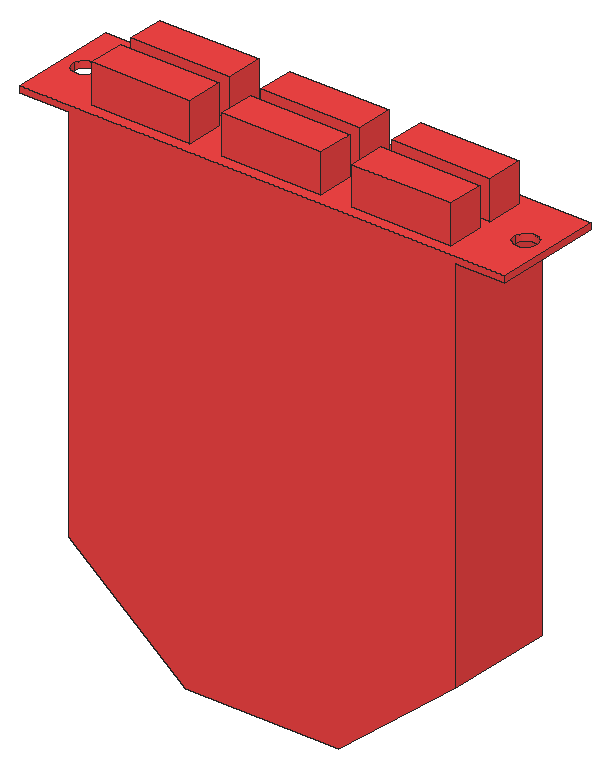
Revit family
Parameters (values of type "Use Type Catalog")
  zz Length 9 = if(1 = 1, 240.000" + zz Length 18, 240.000")  # 240.000"
  zz Length 8 = 0.230"  # constant formula
  zz Length 7 = 5.000"  # constant formula
  zz Length 6 = 1.130"  # constant formula
  zz Length 5 = if(zz Integer 1 = 0, 0.380", if(zz Integer 1 = 1, 0.380", if(zz Integer 1 = 2, 0.380", if(zz Integer 1 = 3, 0.380", if(zz Integer 1 = 4, 0.380", if(zz Integer 1 = 5, 0.380", if(zz Integer 1 = 6, 0.380", if(zz Integer 1 = 7, 0.380", if(zz Integer 1 = 8, 0.380", if(zz Integer 1 = 9, 0.380", if(zz Integer 1 = 10, 0.380", if(zz Integer 1 = 11, 0.421", if(zz Integer 1 = 12, 0.421", if(zz Integer 1 = 13, 0.421", if(zz Integer 1 = 14, 0.421", if(zz Integer 1 = 15, 0.421", if(zz Integer 1 = 16, 0.421", if(zz Integer 1 = 17, 0.421", if(zz Integer 1 = 18, 0.421", if(zz Integer 1 = 19, 0.421", if(zz Integer 1 = 20, 0.421", if(zz Integer 1 = 21, 0.380", if(zz Integer 1 = 22, 0.380", if(zz Integer 1 = 23, 0.380", if(zz Integer 1 = 24, 0.380", if(zz Integer 1 = 25, 0.380", if(zz Integer 1 = 26, 0.380", if(zz Integer 1 = 27, 0.380", if(zz Integer 1 = 28, 0.380", if(zz Integer 1 = 29, 0.380", if(zz Integer 1 = 30, 0.380", if(zz Integer 1 = 31, 0.380", if(zz Integer 1 = 32, 0.380", if(zz Integer 1 = 33, 0.380", if(zz Integer 1 = 34, 0.380", if(zz Integer 1 = 35, 0.380", if(zz Integer 1 = 36, 0.380", if(zz Integer 1 = 37, 0.380", if(zz Integer 1 = 38, 0.380", if(zz Integer 1 = 39, 0.380", if(zz Integer 1 = 40, 0.380", if(zz Integer 1 = 41, 0.594", if(zz Integer 1 = 42, 0.594", if(zz Integer 1 = 43, 0.594", if(zz Integer 1 = 44, 0.594", if(zz Integer 1 = 45, 0.594", if(zz Integer 1 = 46, 0.594", 0.500")))))))))))))))))))))))))))))))))))))))))))))))  # 0.380"
  zz Length 4 = if(zz Integer 1 = 0, 1.180", if(zz Integer 1 = 1, 1.180", if(zz Integer 1 = 2, 1.180", if(zz Integer 1 = 3, 1.180", if(zz Integer 1 = 4, 1.180", if(zz Integer 1 = 5, 1.180", if(zz Integer 1 = 6, 1.180", if(zz Integer 1 = 7, 1.180", if(zz Integer 1 = 8, 1.180", if(zz Integer 1 = 9, 1.180", if(zz Integer 1 = 10, 1.180", if(zz Integer 1 = 11, 0.855", if(zz Integer 1 = 12, 0.855", if(zz Integer 1 = 13, 0.855", if(zz Integer 1 = 14, 0.855", if(zz Integer 1 = 15, 0.855", if(zz Integer 1 = 16, 0.855", if(zz Integer 1 = 17, 0.855", if(zz Integer 1 = 18, 0.855", if(zz Integer 1 = 19, 0.855", if(zz Integer 1 = 20, 0.855", if(zz Integer 1 = 21, 1.180", if(zz Integer 1 = 22, 1.180", if(zz Integer 1 = 23, 1.180", if(zz Integer 1 = 24, 1.180", if(zz Integer 1 = 25, 1.180", if(zz Integer 1 = 26, 1.180", if(zz Integer 1 = 27, 1.180", if(zz Integer 1 = 28, 1.180", if(zz Integer 1 = 29, 1.180", if(zz Integer 1 = 30, 1.180", if(zz Integer 1 = 31, 1.180", if(zz Integer 1 = 32, 1.180", if(zz Integer 1 = 33, 1.180", if(zz Integer 1 = 34, 1.180", if(zz Integer 1 = 35, 1.180", if(zz Integer 1 = 36, 1.180", if(zz Integer 1 = 37, 1.180", if(zz Integer 1 = 38, 1.180", if(zz Integer 1 = 39, 1.180", if(zz Integer 1 = 40, 1.180", if(zz Integer 1 = 41, 0.855", if(zz Integer 1 = 42, 0.855", if(zz Integer 1 = 43, 0.855", if(zz Integer 1 = 44, 0.855", if(zz Integer 1 = 45, 0.855", if(zz Integer 1 = 46, 0.855", 15.000")))))))))))))))))))))))))))))))))))))))))))))))  # 1.180"
  zz Length 3 = 1.600"  # constant formula
  zz Length 23 = if(zz Integer 1 = 0, 1.370", if(zz Integer 1 = 1, 1.370", if(zz Integer 1 = 2, 1.370", if(zz Integer 1 = 3, 1.370", if(zz Integer 1 = 4, 1.370", if(zz Integer 1 = 5, 1.370", if(zz Integer 1 = 6, 1.370", if(zz Integer 1 = 7, 1.370", if(zz Integer 1 = 8, 1.370", if(zz Integer 1 = 9, 1.370", if(zz Integer 1 = 10, 1.370", if(zz Integer 1 = 11, 0.680", if(zz Integer 1 = 12, 0.680", if(zz Integer 1 = 13, 0.680", if(zz Integer 1 = 14, 0.680", if(zz Integer 1 = 15, 0.680", if(zz Integer 1 = 16, 0.680", if(zz Integer 1 = 17, 0.680", if(zz Integer 1 = 18, 0.680", if(zz Integer 1 = 19, 0.680", if(zz Integer 1 = 20, 0.680", if(zz Integer 1 = 21, 1.370", if(zz Integer 1 = 22, 1.370", if(zz Integer 1 = 23, 1.370", if(zz Integer 1 = 24, 1.370", if(zz Integer 1 = 25, 1.370", if(zz Integer 1 = 26, 1.370", if(zz Integer 1 = 27, 1.370", if(zz Integer 1 = 28, 1.370", if(zz Integer 1 = 29, 1.370", if(zz Integer 1 = 30, 1.370", if(zz Integer 1 = 31, 1.370", if(zz Integer 1 = 32, 1.370", if(zz Integer 1 = 33, 1.370", if(zz Integer 1 = 34, 1.370", if(zz Integer 1 = 35, 1.370", if(zz Integer 1 = 36, 1.370", if(zz Integer 1 = 37, 1.370", if(zz Integer 1 = 38, 1.370", if(zz Integer 1 = 39, 1.370", if(zz Integer 1 = 40, 1.370", if(zz Integer 1 = 41, 0.680", if(zz Integer 1 = 42, 0.680", if(zz Integer 1 = 43, 0.680", if(zz Integer 1 = 44, 0.680", if(zz Integer 1 = 45, 0.680", if(zz Integer 1 = 46, 0.680", 1.370")))))))))))))))))))))))))))))))))))))))))))))))  # 1.370"
  zz Length 22 = 0.400"  # constant formula
  zz Length 21 = 0.000"  # constant formula
  zz Length 20 = if(zz Integer 1 = 0, 0.260", if(zz Integer 1 = 1, 0.260", if(zz Integer 1 = 2, 0.260", if(zz Integer 1 = 3, 0.260", if(zz Integer 1 = 4, 0.260", if(zz Integer 1 = 5, 0.260", if(zz Integer 1 = 6, 0.260", if(zz Integer 1 = 7, 0.260", if(zz Integer 1 = 8, 0.260", if(zz Integer 1 = 9, 0.260", if(zz Integer 1 = 10, 0.260", if(zz Integer 1 = 11, 0.000", if(zz Integer 1 = 12, 0.000", if(zz Integer 1 = 13, 0.000", if(zz Integer 1 = 14, 0.000", if(zz Integer 1 = 15, 0.000", if(zz Integer 1 = 16, 0.000", if(zz Integer 1 = 17, 0.000", if(zz Integer 1 = 18, 0.000", if(zz Integer 1 = 19, 0.000", if(zz Integer 1 = 20, 0.000", if(zz Integer 1 = 21, 0.260", if(zz Integer 1 = 22, 0.260", if(zz Integer 1 = 23, 0.260", if(zz Integer 1 = 24, 0.260", if(zz Integer 1 = 25, 0.260", if(zz Integer 1 = 26, 0.260", if(zz Integer 1 = 27, 0.260", if(zz Integer 1 = 28, 0.260", if(zz Integer 1 = 29, 0.260", if(zz Integer 1 = 30, 0.260", if(zz Integer 1 = 31, 0.260", if(zz Integer 1 = 32, 0.260", if(zz Integer 1 = 33, 0.260", if(zz Integer 1 = 34, 0.260", if(zz Integer 1 = 35, 0.260", if(zz Integer 1 = 36, 0.260", if(zz Integer 1 = 37, 0.260", if(zz Integer 1 = 38, 0.260", if(zz Integer 1 = 39, 0.260", if(zz Integer 1 = 40, 0.260", if(zz Integer 1 = 41, 0.000", if(zz Integer 1 = 42, 0.000", if(zz Integer 1 = 43, 0.000", if(zz Integer 1 = 44, 0.000", if(zz Integer 1 = 45, 0.000", if(zz Integer 1 = 46, 0.000", 2.000")))))))))))))))))))))))))))))))))))))))))))))))  # 0.260"
  zz Length 2 = 5.100"  # constant formula
  zz Length 19 = 0.000"  # constant formula
  zz Length 18 = 0.000"  # constant formula
  zz Length 17 = if(zz Integer 1 = 0, 1.040", if(zz Integer 1 = 1, 1.040", if(zz Integer 1 = 2, 1.040", if(zz Integer 1 = 3, 1.040", if(zz Integer 1 = 4, 1.040", if(zz Integer 1 = 5, 1.040", if(zz Integer 1 = 6, 1.040", if(zz Integer 1 = 7, 1.040", if(zz Integer 1 = 8, 1.040", if(zz Integer 1 = 9, 1.040", if(zz Integer 1 = 10, 1.040", if(zz Integer 1 = 11, 0.390", if(zz Integer 1 = 12, 0.390", if(zz Integer 1 = 13, 0.390", if(zz Integer 1 = 14, 0.390", if(zz Integer 1 = 15, 0.390", if(zz Integer 1 = 16, 0.390", if(zz Integer 1 = 17, 0.390", if(zz Integer 1 = 18, 0.390", if(zz Integer 1 = 19, 0.390", if(zz Integer 1 = 20, 0.390", if(zz Integer 1 = 21, 1.040", if(zz Integer 1 = 22, 1.040", if(zz Integer 1 = 23, 1.040", if(zz Integer 1 = 24, 1.040", if(zz Integer 1 = 25, 1.040", if(zz Integer 1 = 26, 1.040", if(zz Integer 1 = 27, 1.040", if(zz Integer 1 = 28, 1.040", if(zz Integer 1 = 29, 1.040", if(zz Integer 1 = 30, 1.040", if(zz Integer 1 = 31, 1.040", if(zz Integer 1 = 32, 1.040", if(zz Integer 1 = 33, 1.040", if(zz Integer 1 = 34, 1.040", if(zz Integer 1 = 35, 1.040", if(zz Integer 1 = 36, 1.040", if(zz Integer 1 = 37, 1.040", if(zz Integer 1 = 38, 1.040", if(zz Integer 1 = 39, 1.040", if(zz Integer 1 = 40, 1.040", if(zz Integer 1 = 41, 0.400", if(zz Integer 1 = 42, 0.400", if(zz Integer 1 = 43, 0.400", if(zz Integer 1 = 44, 0.400", if(zz Integer 1 = 45, 0.400", if(zz Integer 1 = 46, 0.400", 0.500")))))))))))))))))))))))))))))))))))))))))))))))  # 1.040"
  zz Length 16 = 0.241"  # constant formula
  zz Length 15 = 0.000"  # constant formula
  zz Length 14 = if(or(zz Integer 1 = 0, zz Integer 1 = 1, zz Integer 1 = 2, zz Integer 1 = 3, zz Integer 1 = 4, zz Integer 1 = 5, zz Integer 1 = 6, zz Integer 1 = 7, zz Integer 1 = 8, zz Integer 1 = 9, zz Integer 1 = 10, zz Integer 1 = 21, zz Integer 1 = 22, zz Integer 1 = 23, zz Integer 1 = 24, zz Integer 1 = 25, zz Integer 1 = 26, zz Integer 1 = 27, zz Integer 1 = 28, zz Integer 1 = 29, zz Integer 1 = 30, zz Integer 1 = 31, zz Integer 1 = 32, zz Integer 1 = 33, zz Integer 1 = 34, zz Integer 1 = 35, zz Integer 1 = 36, zz Integer 1 = 37, zz Integer 1 = 38, zz Integer 1 = 39, zz Integer 1 = 40), 0.000", zz Length 23)  # 0.000"
  zz Length 13 = 0.000"  # constant formula
  zz Length 12 = 4.000"  # constant formula
  zz Length 11 = 0.070"  # constant formula
  zz Length 10 = zz Length 16 / 2  # 0.1205"
  zz Length 1 = 4.070"  # constant formula
  zz Integer 1 = 0
  Width [instance] = zz Length 2  # 5.100"
  Weight [instance] = 0.00 lbf
  URL = "http://www.fiberinstrumentsales.com/"
  Regulatory Compliance = ""
  Provide Feedback = "https://www.surveymonkey.com/s/7W9CKP6"
  Product Page URL = " "
  Product Material = Use Type Catalog
  Product Documentation Link = " "
  Port Count = 0
  Part Number [instance] = Model  # "Use Type Catalog"
  Part Description [instance] = if(zz Integer 1 = 1, "FIS Multi-Fiber Cassette, MTP/male-Duplex SC, 50/125um OM3, 12 fiber, color Black, LGX footprint, Method A", if(zz Integer 1 = 2, "FIS Multi-Fiber Cassette, MTP/male-Duplex SC, 50/125um OM4, 12 fiber, color Black, LGX footprint, Method A", if(zz Integer 1 = 3, "FIS Multi-Fiber Cassette, MTP/male-Duplex SC, 50/125um OM2, 12 fiber, color Black, LGX footprint, Method A", if(zz Integer 1 = 4, "FIS Multi-Fiber Cassette, MTP/male-Duplex SC, 62.5/125um OM1, 12 fiber, color Black, LGX footprint, Method A", if(zz Integer 1 = 5, "FIS Multi-Fiber Cassette, MTP/male-Duplex SC, Singlemode OS2, 12 fiber, color Black, LGX footprint, Method A", if(zz Integer 1 = 6, "FIS Multi-Fiber Cassette, MTP/male-Duplex SC, 50/125um OM3, 12 fiber, color Off-White, LGX footprint, Method A", if(zz Integer 1 = 7, "FIS Multi-Fiber Cassette, MTP/male-Duplex SC, 50/125um OM4, 12 fiber, color Off-White, LGX footprint, Method A", if(zz Integer 1 = 8, "FIS Multi-Fiber Cassette, MTP/male-Duplex SC, 50/125um OM2, 12 fiber, color Off-White, LGX footprint, Method A", if(zz Integer 1 = 9, "FIS Multi-Fiber Cassette, MTP/male-Duplex SC, 62.5/125um OM1, 12 fiber, color Off-White, LGX footprint, Method A", if(zz Integer 1 = 10, "FIS Multi-Fiber Cassette, MTP/male-Duplex SC, Singlemode OS2, 12 fiber, color Off-White, LGX footprint, Method A", if(zz Integer 1 = 11, "FIS Multi-Fiber Cassette, MTP/male-Duplex LC, 50/125um OM3, 12 fiber, color Black, LGX footprint, Method A", if(zz Integer 1 = 12, "FIS Multi-Fiber Cassette, MTP/male-Duplex LC, 50/125um OM4, 12 fiber, color Black, LGX footprint, Method A", if(zz Integer 1 = 13, "FIS Multi-Fiber Cassette, MTP/male-Duplex LC, 50/125um OM2, 12 fiber, color Black, LGX footprint, Method A", if(zz Integer 1 = 14, "FIS Multi-Fiber Cassette, MTP/male-Duplex LC, 62.5/125um OM1, 12 fiber, color Black, LGX footprint, Method A", if(zz Integer 1 = 15, "FIS Multi-Fiber Cassette, MTP/male-Duplex LC, Singlemode OS2, 12 fiber, color Black, LGX footprint, Method A", if(zz Integer 1 = 16, "FIS Multi-Fiber Cassette, MTP/male-Duplex LC, 50/125um OM3, 12 fiber, color Off-White, LGX footprint, Method A", if(zz Integer 1 = 17, "FIS Multi-Fiber Cassette, MTP/male-Duplex LC, 50/125um OM4, 12 fiber, color Off-White, LGX footprint, Method A", if(zz Integer 1 = 18, "FIS Multi-Fiber Cassette, MTP/male-Duplex LC, 50/125um OM2, 12 fiber, color Off-White, LGX footprint, Method A", if(zz Integer 1 = 19, "FIS Multi-Fiber Cassette, MTP/male-Duplex LC, 62.5/125um OM1, 12 fiber, color Off-White, LGX footprint, Method A", if(zz Integer 1 = 20, "FIS Multi-Fiber Cassette, MTP/male-Duplex LC, Singlemode OS2, 12 fiber, color Off-White, LGX footprint, Method A", if(zz Integer 1 = 21, "FIS Multi-Fiber Cassette, (1)24F MTP/male- Quad LC, 50/125um OM3, 24 fiber, color Black, LGX footprint, Method A", if(zz Integer 1 = 22, "FIS Multi-Fiber Cassette, (1)24F MTP/male- Quad LC, 50/125um OM4, 24 fiber, color Black, LGX footprint, Method A", if(zz Integer 1 = 23, "FIS Multi-Fiber Cassette, (1)24F MTP/male- Quad LC, 50/125um OM2, 24 fiber, color Black, LGX footprint, Method A", if(zz Integer 1 = 24, "FIS Multi-Fiber Cassette, (1)24F MTP/male- Quad LC, 62.5/125um OM1, 24 fiber, color Black, LGX footprint, Method A", if(zz Integer 1 = 25, "FIS Multi-Fiber Cassette, (1)24F MTP/male- Quad LC, Singlemode OS2, 24 fiber, color Black, LGX footprint, Method A", if(zz Integer 1 = 26, "FIS Multi-Fiber Cassette, (1)24F MTP/male- Quad LC, 50/125um OM3, 24 fiber, color Off-White, LGX footprint, Method A", if(zz Integer 1 = 27, "FIS Multi-Fiber Cassette, (1)24F MTP/male- Quad LC, 50/125um OM4, 24 fiber, color Off-White, LGX footprint, Method A", if(zz Integer 1 = 28, "FIS Multi-Fiber Cassette, (1)24F MTP/male- Quad LC, 50/125um OM2, 24 fiber, color Off-White, LGX footprint, Method A", if(zz Integer 1 = 29, "FIS Multi-Fiber Cassette, (1)24F MTP/male- Quad LC, 62.5/125um OM1, 24 fiber, color Off-White, LGX footprint, Method A", if(zz Integer 1 = 30, "FIS Multi-Fiber Cassette, (1)24F MTP/male- Quad LC, Singlemode OS2, 24 fiber, color Off-White, LGX footprint, Method A", if(zz Integer 1 = 31, "FIS Multi-Fiber Cassette, (2)12F MTP/male- Quad LC, 50/125um OM3, 24 fiber, color Black, LGX footprint, Method A", if(zz Integer 1 = 32, "FIS Multi-Fiber Cassette, (2)12F MTP/male- Quad LC, 50/125um OM4, 24 fiber, color Black, LGX footprint, Method A", if(zz Integer 1 = 33, "FIS Multi-Fiber Cassette, (2)12F MTP/male- Quad LC, 50/125um OM2, 24 fiber, color Black, LGX footprint, Method A", if(zz Integer 1 = 34, "FIS Multi-Fiber Cassette, (2)12F MTP/male- Quad LC, 62.5/125um OM1, 24 fiber, color Black, LGX footprint, Method A", if(zz Integer 1 = 35, "FIS Multi-Fiber Cassette, (2)12F MTP/male- Quad LC, Singlemode OS2, 24 fiber, color Black, LGX footprint, Method A", if(zz Integer 1 = 36, "FIS Multi-Fiber Cassette, (2)12F MTP/male- Quad LC, 50/125um OM3, 24 fiber, color Off-White, LGX footprint, Method A", if(zz Integer 1 = 37, "FIS Multi-Fiber Cassette, (2)12F MTP/male- Quad LC, 50/125um OM4, 24 fiber, color Off-White, LGX footprint, Method A", if(zz Integer 1 = 38, "FIS Multi-Fiber Cassette, (2)12F MTP/male- Quad LC, 50/125um OM2, 24 fiber, color Off-White, LGX footprint, Method A", if(zz Integer 1 = 39, "FIS Multi-Fiber Cassette, (2)12F MTP/male- Quad LC, 62.5/125um OM1, 24 fiber, color Off-White, LGX footprint, Method A", if(zz Integer 1 = 40, "FIS Multi-Fiber Cassette, (2)12F MTP/male- Quad LC, Singlemode OS2, 24 fiber, color Off-White, LGX footprint, Method A", if(zz Integer 1 = 41, "FIS Multi-Fiber Cassette, (2)12F MTP/male- (3) MTP/female, OM3, 24 fiber, color Black, LGX footprint, Method B", if(zz Integer 1 = 42, "FIS Multi-Fiber Cassette, (2)12F MTP/male- (3) MTP/female, OM4, 24 fiber, color Black, LGX footprint, Method B", if(zz Integer 1 = 43, "FIS Multi-Fiber Cassette, (1)24F MTP/male- (3) MTP/female, OM3, 24 fiber, color Black, LGX footprint, Method B", if(zz Integer 1 = 44, "FIS Multi-Fiber Cassette, (1)24F MTP/male- (3) MTP/female, OM4, 24 fiber, color Black, LGX footprint, Method B", if(zz Integer 1 = 45, "FIS Multi-Fiber Cassette, (2)24F MTP/male- (6) MTP/female, OM3, 48 fiber, color Black, LGX footprint, Method B", if(zz Integer 1 = 46, " FIS Multi-Fiber Cassette, (2)24F MTP/male- (6) MTP/female, OM4, 48 fiber, color Black, LGX footprint, Method B", "Use Type Catalog"))))))))))))))))))))))))))))))))))))))))))))))  # "Use Type Catalog"
  Original Creation Date = "November 21, 2013"  # constant formula
  Model Disclaimer = "For More Information, Contact Fiber Instrument Sales"  # constant formula
  Model = "Use Type Catalog"
  Mating Sleeve Polymer = Use Type Catalog
  Manufacturer = "Fiber Instrument Sales"  # constant formula
  Height [instance] = zz Length 6  # 1.130"
  Front Interface = "MTP/SC"
  Fiber Type = ""
  Fiber Count = 12
  Family Version = "1.0.0"  # constant formula
  Equipment Number [instance] = ""
  Equipment Abbreviation = "CA"
  Description = if(zz Integer 1 = 1, "FIS Multi-Fiber Cassette, MTP/male-Duplex SC, 50/125um OM3, 12 fiber, color Black, LGX footprint, Method A", if(zz Integer 1 = 2, "FIS Multi-Fiber Cassette, MTP/male-Duplex SC, 50/125um OM4, 12 fiber, color Black, LGX footprint, Method A", if(zz Integer 1 = 3, "FIS Multi-Fiber Cassette, MTP/male-Duplex SC, 50/125um OM2, 12 fiber, color Black, LGX footprint, Method A", if(zz Integer 1 = 4, "FIS Multi-Fiber Cassette, MTP/male-Duplex SC, 62.5/125um OM1, 12 fiber, color Black, LGX footprint, Method A", if(zz Integer 1 = 5, "FIS Multi-Fiber Cassette, MTP/male-Duplex SC, Singlemode OS2, 12 fiber, color Black, LGX footprint, Method A", if(zz Integer 1 = 6, "FIS Multi-Fiber Cassette, MTP/male-Duplex SC, 50/125um OM3, 12 fiber, color Off-White, LGX footprint, Method A", if(zz Integer 1 = 7, "FIS Multi-Fiber Cassette, MTP/male-Duplex SC, 50/125um OM4, 12 fiber, color Off-White, LGX footprint, Method A", if(zz Integer 1 = 8, "FIS Multi-Fiber Cassette, MTP/male-Duplex SC, 50/125um OM2, 12 fiber, color Off-White, LGX footprint, Method A", if(zz Integer 1 = 9, "FIS Multi-Fiber Cassette, MTP/male-Duplex SC, 62.5/125um OM1, 12 fiber, color Off-White, LGX footprint, Method A", if(zz Integer 1 = 10, "FIS Multi-Fiber Cassette, MTP/male-Duplex SC, Singlemode OS2, 12 fiber, color Off-White, LGX footprint, Method A", if(zz Integer 1 = 11, "FIS Multi-Fiber Cassette, MTP/male-Duplex LC, 50/125um OM3, 12 fiber, color Black, LGX footprint, Method A", if(zz Integer 1 = 12, "FIS Multi-Fiber Cassette, MTP/male-Duplex LC, 50/125um OM4, 12 fiber, color Black, LGX footprint, Method A", if(zz Integer 1 = 13, "FIS Multi-Fiber Cassette, MTP/male-Duplex LC, 50/125um OM2, 12 fiber, color Black, LGX footprint, Method A", if(zz Integer 1 = 14, "FIS Multi-Fiber Cassette, MTP/male-Duplex LC, 62.5/125um OM1, 12 fiber, color Black, LGX footprint, Method A", if(zz Integer 1 = 15, "FIS Multi-Fiber Cassette, MTP/male-Duplex LC, Singlemode OS2, 12 fiber, color Black, LGX footprint, Method A", if(zz Integer 1 = 16, "FIS Multi-Fiber Cassette, MTP/male-Duplex LC, 50/125um OM3, 12 fiber, color Off-White, LGX footprint, Method A", if(zz Integer 1 = 17, "FIS Multi-Fiber Cassette, MTP/male-Duplex LC, 50/125um OM4, 12 fiber, color Off-White, LGX footprint, Method A", if(zz Integer 1 = 18, "FIS Multi-Fiber Cassette, MTP/male-Duplex LC, 50/125um OM2, 12 fiber, color Off-White, LGX footprint, Method A", if(zz Integer 1 = 19, "FIS Multi-Fiber Cassette, MTP/male-Duplex LC, 62.5/125um OM1, 12 fiber, color Off-White, LGX footprint, Method A", if(zz Integer 1 = 20, "FIS Multi-Fiber Cassette, MTP/male-Duplex LC, Singlemode OS2, 12 fiber, color Off-White, LGX footprint, Method A", if(zz Integer 1 = 21, "FIS Multi-Fiber Cassette, (1)24F MTP/male- Quad LC, 50/125um OM3, 24 fiber, color Black, LGX footprint, Method A", if(zz Integer 1 = 22, "FIS Multi-Fiber Cassette, (1)24F MTP/male- Quad LC, 50/125um OM4, 24 fiber, color Black, LGX footprint, Method A", if(zz Integer 1 = 23, "FIS Multi-Fiber Cassette, (1)24F MTP/male- Quad LC, 50/125um OM2, 24 fiber, color Black, LGX footprint, Method A", if(zz Integer 1 = 24, "FIS Multi-Fiber Cassette, (1)24F MTP/male- Quad LC, 62.5/125um OM1, 24 fiber, color Black, LGX footprint, Method A", if(zz Integer 1 = 25, "FIS Multi-Fiber Cassette, (1)24F MTP/male- Quad LC, Singlemode OS2, 24 fiber, color Black, LGX footprint, Method A", if(zz Integer 1 = 26, "FIS Multi-Fiber Cassette, (1)24F MTP/male- Quad LC, 50/125um OM3, 24 fiber, color Off-White, LGX footprint, Method A", if(zz Integer 1 = 27, "FIS Multi-Fiber Cassette, (1)24F MTP/male- Quad LC, 50/125um OM4, 24 fiber, color Off-White, LGX footprint, Method A", if(zz Integer 1 = 28, "FIS Multi-Fiber Cassette, (1)24F MTP/male- Quad LC, 50/125um OM2, 24 fiber, color Off-White, LGX footprint, Method A", if(zz Integer 1 = 29, "FIS Multi-Fiber Cassette, (1)24F MTP/male- Quad LC, 62.5/125um OM1, 24 fiber, color Off-White, LGX footprint, Method A", if(zz Integer 1 = 30, "FIS Multi-Fiber Cassette, (1)24F MTP/male- Quad LC, Singlemode OS2, 24 fiber, color Off-White, LGX footprint, Method A", if(zz Integer 1 = 31, "FIS Multi-Fiber Cassette, (2)12F MTP/male- Quad LC, 50/125um OM3, 24 fiber, color Black, LGX footprint, Method A", if(zz Integer 1 = 32, "FIS Multi-Fiber Cassette, (2)12F MTP/male- Quad LC, 50/125um OM4, 24 fiber, color Black, LGX footprint, Method A", if(zz Integer 1 = 33, "FIS Multi-Fiber Cassette, (2)12F MTP/male- Quad LC, 50/125um OM2, 24 fiber, color Black, LGX footprint, Method A", if(zz Integer 1 = 34, "FIS Multi-Fiber Cassette, (2)12F MTP/male- Quad LC, 62.5/125um OM1, 24 fiber, color Black, LGX footprint, Method A", if(zz Integer 1 = 35, "FIS Multi-Fiber Cassette, (2)12F MTP/male- Quad LC, Singlemode OS2, 24 fiber, color Black, LGX footprint, Method A", if(zz Integer 1 = 36, "FIS Multi-Fiber Cassette, (2)12F MTP/male- Quad LC, 50/125um OM3, 24 fiber, color Off-White, LGX footprint, Method A", if(zz Integer 1 = 37, "FIS Multi-Fiber Cassette, (2)12F MTP/male- Quad LC, 50/125um OM4, 24 fiber, color Off-White, LGX footprint, Method A", if(zz Integer 1 = 38, "FIS Multi-Fiber Cassette, (2)12F MTP/male- Quad LC, 50/125um OM2, 24 fiber, color Off-White, LGX footprint, Method A", if(zz Integer 1 = 39, "FIS Multi-Fiber Cassette, (2)12F MTP/male- Quad LC, 62.5/125um OM1, 24 fiber, color Off-White, LGX footprint, Method A", if(zz Integer 1 = 40, "FIS Multi-Fiber Cassette, (2)12F MTP/male- Quad LC, Singlemode OS2, 24 fiber, color Off-White, LGX footprint, Method A", if(zz Integer 1 = 41, "FIS Multi-Fiber Cassette, (2)12F MTP/male- (3) MTP/female, OM3, 24 fiber, color Black, LGX footprint, Method B", if(zz Integer 1 = 42, "FIS Multi-Fiber Cassette, (2)12F MTP/male- (3) MTP/female, OM4, 24 fiber, color Black, LGX footprint, Method B", if(zz Integer 1 = 43, "FIS Multi-Fiber Cassette, (1)24F MTP/male- (3) MTP/female, OM3, 24 fiber, color Black, LGX footprint, Method B", if(zz Integer 1 = 44, "FIS Multi-Fiber Cassette, (1)24F MTP/male- (3) MTP/female, OM4, 24 fiber, color Black, LGX footprint, Method B", if(zz Integer 1 = 45, "FIS Multi-Fiber Cassette, (2)24F MTP/male- (6) MTP/female, OM3, 48 fiber, color Black, LGX footprint, Method B", if(zz Integer 1 = 46, " FIS Multi-Fiber Cassette, (2)24F MTP/male- (6) MTP/female, OM4, 48 fiber, color Black, LGX footprint, Method B", "Use Type Catalog"))))))))))))))))))))))))))))))))))))))))))))))  # "Use Type Catalog"
  Depth [instance] = zz Length 7  # 5.000"
  Default Elevation = 48.000"
  Date Last Modified = "November 21, 2013"  # constant formula
  Copyright = "Copyright © 2013 Fiber Instrument Sales"  # constant formula
Reference planes (in)
  plane 1 "Center (Front/Back)": y = 0
  plane 2 "Center (Elevation)": z = 0
  plane 3 "Center (Left/Right)": x = 0
  plane 4 "Extremis Left": x = -2.55
  plane 5 "Extremis Right": x = 2.55
  plane 6 "Extremis Bottom": y = -0.565
  plane 7 "Extremis Top": y = 0.565
  plane 8 "Host": z = 0
  plane 9 "Base": z = -240
  plane 10: z = 0
  plane 11: z = 0.07
  plane 12 "Screw Left": x = -2.32
  plane 13 "Screw Right": x = 2.32
  plane 14: y = 0
  plane 15: x = 0
  plane 16: x = 0
  plane 17: x = -1.37
  plane 18: x = -1.37
  plane 19: y = 0.26
  plane 20: y = -0.26
  plane 21: x = 1.37
  plane 22: x = 1.37
  plane 23: x = -1.89
  plane 24: x = -0.85
  plane 25: y = 0.45
  plane 26: y = 0.07
  plane 27: y = -0.45
  plane 28: y = -0.07
  plane 29: x = -1.89
  plane 30: x = -0.85
  plane 31: x = -0.52
  plane 32: x = 0.52
  plane 33: x = -0.52
  plane 34: x = 0.52
  plane 35: x = 0.85
  plane 36: x = 1.89
  plane 37: x = 0.85
  plane 38: x = 1.89
  plane 39 "Line Base": z = 0.07
  plane 40: x = 2.035
  plane 41: x = -2.035
  plane 42: z = -5
  plane 43: z = -4
  plane 44: x = -0.8
  plane 45: x = 0.8
  plane 46 "Box": z = 0.47
Forms (in)
  Extrusion 1, solid, material "Use Type Catalog" <- "Product Material"
    sketch origin (0, 0, 0) x (1, 0, 0) y (0, 0, 1)
      loop
        line (-2.55, 0.07) -> (-2.55, 0) -> (-2.035, 0) -> (-2.035, -4) -> (-0.8, -5) -> (0.8, -5) -> (2.035, -4) -> (2.035, 0) -> (2.55, 0) -> (2.55, 0.07) -> (-2.55, 0.07)
    from -0.565 to 0.565
  Extrusion 2, void
    sketch origin (0, 0, 0) x (-1, 0, 0) y (0, -1, 0)
      loop
        circle (2.32, 0) r 0.1205
      loop
        circle (-2.32, 0) r 0.1205
    from -5 to 0.07
  Extrusion 3, solid, material "Use Type Catalog" <- "Mating Sleeve Polymer"
    sketch origin (0, 0, 0.47) x (-1, 0, 0) y (0, -1, 0)
      loop
        line (1.89, -0.45) -> (1.89, -0.07) -> (0.85, -0.07) -> (0.85, -0.45) -> (1.89, -0.45)
      loop
        line (1.89, 0.07) -> (1.89, 0.45) -> (0.85, 0.45) -> (0.85, 0.07) -> (1.89, 0.07)
      loop
        line (0.52, -0.45) -> (0.52, -0.07) -> (-0.52, -0.07) -> (-0.52, -0.45) -> (0.52, -0.45)
      loop
        line (0.52, 0.07) -> (0.52, 0.45) -> (-0.52, 0.45) -> (-0.52, 0.07) -> (0.52, 0.07)
      loop
        line (-0.85, -0.45) -> (-0.85, -0.07) -> (-1.89, -0.07) -> (-1.89, -0.45) -> (-0.85, -0.45)
      loop
        line (-0.85, 0.07) -> (-0.85, 0.45) -> (-1.89, 0.45) -> (-1.89, 0.07) -> (-0.85, 0.07)
    from -0.4 to 0
Cuts and joins
  Extrusion 2 cuts Extrusion 1
Dimensions and locks (in)
  equal spacing: plane 4 "Extremis Left", plane 3 "Center (Left/Right)", plane 5 "Extremis Right"
  "zz Length 9": plane 8 "Host" to plane 9 "Base"
  "zz Length 2": plane 4 "Extremis Left" to plane 5 "Extremis Right"
  "zz Length 11": plane 11 to plane 10
  "zz Length 21": plane 10 to plane 8 "Host"
  "zz Length 8": plane 4 "Extremis Left" to plane 12 "Screw Left"
  "zz Length 8": plane 13 "Screw Right" to plane 5 "Extremis Right"
  equal spacing: plane 6 "Extremis Bottom", plane 1 "Center (Front/Back)", plane 7 "Extremis Top"
  "zz Length 6": plane 7 "Extremis Top" to plane 6 "Extremis Bottom"
  "zz Length 15": plane 1 "Center (Front/Back)" to plane 14
  "zz Length 14": plane 18 to plane 17
  "zz Length 23": plane 15 to plane 21
  equal spacing: plane 20, plane 14, plane 19
  "zz Length 20": plane 14 to plane 19
  equal spacing: plane 23, plane 18, plane 24
  equal spacing: plane 29, plane 17, plane 30
  equal spacing: plane 31, plane 16, plane 32
  equal spacing: plane 33, plane 15, plane 34
  equal spacing: plane 35, plane 21, plane 36
  equal spacing: plane 37, plane 22, plane 38
  equal spacing: plane 26, plane 19, plane 25
  equal spacing: plane 28, plane 20, plane 27
  "zz Length 5": plane 25 to plane 26
  "zz Length 5": plane 28 to plane 27
  "zz Length 17": plane 23 to plane 24
  "zz Length 17": plane 29 to plane 30
  "zz Length 17": plane 31 to plane 32
  "zz Length 17": plane 33 to plane 34
  "zz Length 17": plane 35 to plane 36
  "zz Length 17": plane 37 to plane 38
  "zz Length 13": plane 39 "Line Base" to plane 11
  "zz Length 14": plane 16 to plane 15
  "zz Length 23": plane 17 to plane 16
  "zz Length 14": plane 21 to plane 22
  "zz Length 4": plane 4 "Extremis Left" to plane 18
  "zz Length 22": plane 46 "Box" to plane 39 "Line Base"
  "zz Length 12": plane 10 to plane 43
  "zz Length 7": plane 10 to plane 42
  equal spacing: plane 44, plane 3 "Center (Left/Right)", plane 45
  "zz Length 3": plane 44 to plane 45
  equal spacing: plane 41, plane 3 "Center (Left/Right)", plane 40
  "zz Length 1": plane 41 to plane 40
  "zz Length 10": radius of Extrusion 2 sketch curve  (x2)
  aligned and locked: plane 2 "Center (Elevation)" to level
  aligned and locked: plane 43 to Extrusion 1 sketch curve  (x2)
  aligned and locked: plane 41 to Extrusion 1 sketch curve
  aligned and locked: plane 44 to Extrusion 1 sketch curve
  aligned and locked: plane 45 to Extrusion 1 sketch curve
  aligned and locked: plane 40 to Extrusion 1 sketch curve
  aligned and locked: plane 11 to Extrusion 1 sketch curve
  aligned and locked: plane 10 to Extrusion 1 sketch curve
  aligned and locked: plane 5 "Extremis Right" to Extrusion 1 sketch curve
  aligned and locked: plane 4 "Extremis Left" to Extrusion 1 sketch curve
  aligned and locked: Extrusion 1 sketch curve to plane 40
  aligned and locked: Extrusion 1 sketch curve to plane 42
  aligned and locked: Extrusion 1 to plane 7 "Extremis Top"
  aligned and locked: Extrusion 1 to plane 6 "Extremis Bottom"
  aligned and locked: Extrusion 2 to plane 11
  aligned and locked: plane 42 to Extrusion 2
  aligned and locked: plane 23 to Extrusion 3 sketch curve
  aligned and locked: plane 24 to Extrusion 3 sketch curve
  aligned and locked: plane 29 to Extrusion 3 sketch curve
  aligned and locked: plane 30 to Extrusion 3 sketch curve
  aligned and locked: plane 31 to Extrusion 3 sketch curve
  aligned and locked: plane 32 to Extrusion 3 sketch curve
  aligned and locked: plane 33 to Extrusion 3 sketch curve
  aligned and locked: plane 34 to Extrusion 3 sketch curve
  aligned and locked: plane 35 to Extrusion 3 sketch curve
  aligned and locked: plane 36 to Extrusion 3 sketch curve
  aligned and locked: plane 37 to Extrusion 3 sketch curve
  aligned and locked: plane 38 to Extrusion 3 sketch curve
  aligned and locked: plane 25 to Extrusion 3 sketch curve  (x3)
  aligned and locked: plane 26 to Extrusion 3 sketch curve  (x3)
  aligned and locked: plane 28 to Extrusion 3 sketch curve  (x3)
  aligned and locked: plane 27 to Extrusion 3 sketch curve  (x3)
  aligned and locked: Extrusion 3 to plane 46 "Box"
  aligned and locked: plane 39 "Line Base" to Extrusion 3
Automatic sketch dimensions
  Extrusion 1 sketch curve to plane 10 = 0.000"
  plane 1 "Center (Front/Back)" to Extrusion 2 sketch curve = 0.000"  (x2)
  Extrusion 2 sketch curve to plane 13 "Screw Right" = 0.000"
  Extrusion 2 sketch curve to plane 12 "Screw Left" = 0.000"
